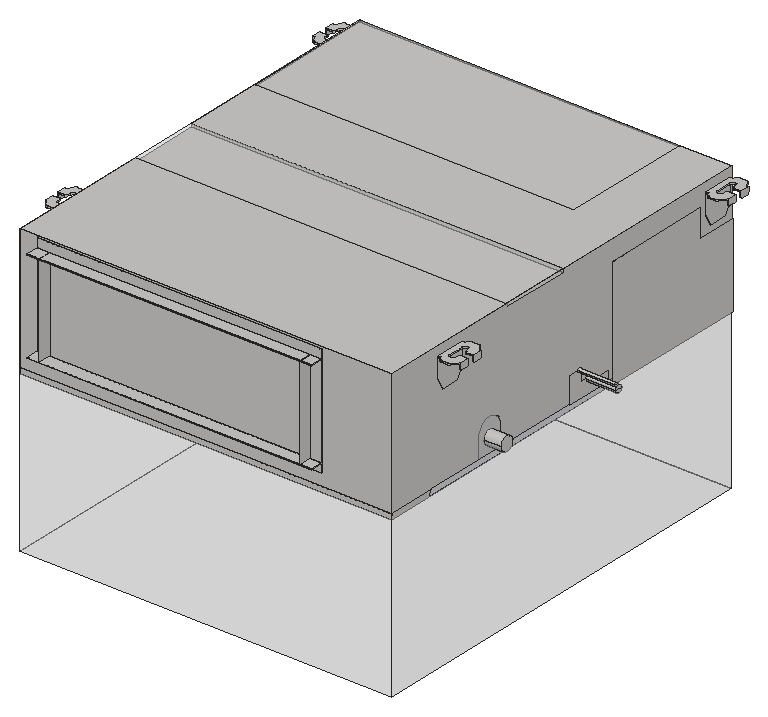
Revit family "outputfile", category 機械設備, Revit 2024
Family settings
  丸型コネクタ寸法 = 半径を使用
  パーツ タイプ = 標準
  OmniClass 番号 = 23.75.10.24.21.27.27
  OmniClass タイトル = Split System Air Conditioning Units
  作業面ベース = いいえ
  常に垂直 = はい
  ロード時にボイドで切り取り = いいえ
  注釈の向きを維持 = いいえ
  共有 = いいえ
  部屋計算ポイント = はい
Parameters (values of type "FXDBQ50AVM4")
  Description = ""
  書き出し IFC クラス(タイプ) = "IfcUnitaryEquipmentType"
  定義済み IFC タイプ(タイプ) = "AIRCONDITIONINGUNIT"
  Cost = 0
  Type Comments = ""
  Keynote = ""
  Type Image = (empty or 0)
  Assembly Code = ""
  lh_liquidpipe = [h***] + 60.0 mm  # 60.0 mm
  lh_RA [instance] = if(Rear Connection_Return Air, 125.25 mm + [h***], 245.0 mm + [h***])  # 125.25 mm
  ld_RA_length [instance] = if(Rear Connection_Return Air, 245.0 mm, 126.0 mm)  # 245.0 mm
  l_liquidpipe_length [instance] = 421.0 mm
  l_gaspipe_length [instance] = 408.0 mm
  l_drainpipe_length [instance] = 383.0 mm
  angle_vertica [instance] = 90.00°
  angle horizontal [instance] = if(Right Connection_refrigerant, 180.00°, 0.00°)  # 180.00°
  URL = ""
  Right Connection_refrigerant [instance] = yes
  製造元 = "Daikin"
  モデル = "FXDBQ50AVM4"
  w_pipe = 33.0 mm
  r_Liquid Pipe Size = Liquid Pipe Size / 2  # 3.2 mm
  r_Gas Pipe Size = Gas Pipe Size / 2  # 6.35 mm
  r_Drain Pipe Size = Drain Pipe Size / 2  # 12.5 mm
  lw_powersupply = 304.0 mm
  lw_ductflange2 = 602.0 mm
  lw_Width = 535.0 mm
  lh_suctionflange [instance] = 125.25 mm
  ld_suctionflange [instance] = if(Rear Connection_Return Air, 190.0 mm, 100.0 mm)  # 190.0 mm
  ld_powersupply = 60.0 mm
  angle_vertical_RA [instance] = if(Rear Connection_Return Air, 90.00°, 0.00°)  # 90.00°
  angle horizontal_RA [instance] = if(Rear Connection_Return Air, 180.00°, 270.00°)  # 180.00°
  Voltage_comment_60Hz = "220-230"
  Voltage_comment_50Hz = "220-240"
  Voltage_60Hz = 220 V
  Voltage_50Hz = 230 V
  Supply Air Direction [instance] = yes
  Sound Power Level_H speed (dB) = 0
  Rear Connection_Return Air [instance] = not(Bottom Connection_Return Air)  # yes
  RA_length [instance] = 245.0 mm  # constant formula
  Phase_60Hz = 1
  Phase_50Hz = 1
  Minimum External Static Pressure = 15.00 Pa
  Minimum Circuit Amps_60Hz = 1.1 A
  Minimum Circuit Amps_50Hz = 1.1 A
  Maximum Fuse Amps_60Hz = 16.0 A
  Maximum Fuse Amps_50Hz = 16.0 A
  Maximum External Static Pressure = 50.00 Pa
  Material_Casing = DAIKIN_GalvanizedSteel_Casing_indoorunit
  lw_liquidpipe = 71.0 mm  # constant formula
  lw_gaspipe = 58.0 mm  # constant formula
  lw_mountinghole_pitch = 738.0 mm
  lw_mountinghole = 20.0 mm  # constant formula
  lw_drainpipe = 33.0 mm  # constant formula
  lh_powersupply = 10.0 mm
  lh_gaspipe = [h***] + 38.0 mm  # 38.0 mm
  lh_mountinghole = Height - 15.0 mm + [h***]  # 230.0 mm
  lh_drainpipe = 150.0 mm
  lh_antena = 16.0 mm  # constant formula
  ld_liquidpipe = 193.0 mm  # constant formula
  ld_gaspipe = 130.0 mm  # constant formula
  ld_mountinghole_pitch = 630.0 mm  # constant formula
  ld_drainpipe = 280.0 mm
  ld_controlbox = 626.0 mm  # constant formula
  h*** = 0.0 mm  # constant formula
  d_dischargeflange = 25.0 mm  # constant formula
  Width = 700.0 mm
  Version = "ver.1.0"
  Unit Type = "Bedroom Duct Type"
  Unit Mass Weight = 26.00 kg
  Unit Designation [instance] = ""
  Uniclass2015Version = "Products v1.30"
  Uniclass2015Title = "Variable refrigerant flow units"
  Uniclass2015Code = "Pr_70_65_03_94"
  Total Heating Capacity [instance] = 0.000 kW
  Total Cooling Capacity [instance] = 0.000 kW
  Sound Pressure Level_M speed (dBA) = 0
  Sound Pressure Level_L speed (dBA) = 28
  Sound Pressure Level_H speed (dBA) = 37
  Series = "VRV Fan Coil Unit"
  Sensible Cooling Capacity [instance] = 0.000 kW
  SA Duct Size Width = 490.0 mm
  SA Duct Size Height = 174.0 mm
  Refrigerant Type = "R410A"
  RA Duct Size Width = 562.0 mm
  RA Duct Size Height [instance] = if(Rear Connection_Return Air, 202.6 mm, 204.0 mm)  # 202.6 mm
  Power Input (Heating) = 0.080 kW
  Power Input (Cooling) = 0.080 kW
  Option Accessory 3 [instance] = ""
  Option Accessory 2 [instance] = ""
  Option Accessory 1 [instance] = ""
  Nominal Heating Capacity = 6.300 kW
  Nominal Cooling Capacity = 5.600 kW
  Minimum Airflow = 540.00 m³/h
  Median Airflow = 690.00 m³/h
  Maximum Airflow = 888.00 m³/h
  Load Classification = HVAC
  Liquid Pipe Size = 6.4 mm
  Link_Nested Family [instance] = ""
  Left Connection_refrigerant [instance] = no
  IfcVersion = "0"
  IfcExportType = "AIRCONDITIONINGUNIT"
  IfcExportAs = "IfcUnitaryEquipmentType"
  Height = 245.0 mm
  Heating Entering Wet Bulb Temperature [instance] = 0.00 °C
  Heating Entering Dry Bulb Temperature [instance] = 0.00 °C
  Heating Ambient Wet Bulb Temperature [instance] = 0.00 °C
  Heating Ambient Dry Bulb Temperature [instance] = 0.00 °C
  Heat Exchanger Type = "Cross Fin Coil"
  Gas Pipe Size = 12.7 mm
  Frequency_60Hz = 60 Hz
  Frequency_50Hz = 50 Hz
  Fan Type = "Sirocco Fan"
  Fan Drive = "Direct Drive"
  FCU Tag No. [instance] = ""
  Drain Pipe Size = 25.0 mm
  Design Supply Airflow [instance] = 0.00 m³/h
  Design Return Airflow [instance] = 0.00 m³/h
  Design External Static Pressure [instance] = 0.00 Pa
  Depth = 800.0 mm
  既定の高さ = 0.0 mm
  Cooling Entering Wet Bulb Temperature [instance] = 0.00 °C
  Cooling Entering Dry Bulb Temperature [instance] = 0.00 °C
  Cooling Ambient Wet Bulb Temperature [instance] = 0.00 °C
  Cooling Ambient Dry Bulb Temperature [instance] = 0.00 °C
  Clearance visibility [instance] = yes
  Clearance Top = 0.0 mm
  Clearance Right = 0.0 mm
  Clearance Rear = 0.0 mm
  Clearance Left = 0.0 mm
  Clearance Front = 0.0 mm
  Clearance Bottom = 300.0 mm
  Bottom Connection_Return Air [instance] = no
Reference planes
  plane 1 "Center (Front/Back)": y = 0
  plane 2: z = 0
  plane 3 "Center (Left/Right)": x = 0
  plane 4 "Back": y = 400
  plane 5 "Front": y = -400
  plane 6 "Left": x = -350
  plane 7 "Right": x = 350
  plane 8 "Top": z = 0
  plane 9 "Bottom": z = -245
  plane 10: x = 330
  plane 11: x = -330
  plane 12: z = -235
  plane 13: z = -6
  plane 14: z = -67
  plane 15: z = -185
  plane 16: z = -207
  plane 17: x = -304
  plane 18: x = 304
  plane 19: x = -369
  plane 20: x = 369
  plane 21: x = -389
  plane 22: x = 390
  plane 23: x = 421
  plane 24: x = 408
  plane 25: x = 383
  plane 26: z = -15
  plane 27: z = -95
  plane 28 "Clearance Left": x = -350
  plane 29 "Clearance Right": x = 350
  plane 30 "Clearance Rear": y = 400
  plane 31 "Clearance Front": y = -400
  plane 32 "Clearance Top": z = 0
  plane 33 "Clearance Bottom": z = -545
  plane 34: z = -21
  plane 35: z = -206
  plane 36: z = -141.5
  plane 37: x = -40
  plane 38: y = 61
  plane 39: y = 39
  plane 40: y = -30
  plane 41: y = -171
  plane 42: z = -97.5
  plane 43: y = -400
  plane 44: x = -349
  plane 45: z = -145
  plane 46: z = -355
  plane 47: y = 210
  plane 48: z = 331
  plane 49: z = -244
  plane 50: y = 210
  plane 51: z = -146
  plane 52: x = 383
  plane 53: x = 345
  plane 54: x = 355
  plane 55: x = 351
  plane 56: x = 251
  plane 57: x = 349.004
  plane 58: x = -349
  plane 59: x = 304
  plane 60: z = -108
  plane 61: z = -234
  plane 62: x = -317
  plane 63: z = -3
  plane 64: x = -49.5
  plane 65: z = -1
  plane 66: y = 155
  plane 67: x = -50
  plane 68: y = -266
  plane 69: y = 364
  plane 70: z = -15
  plane 71: z = -185
  plane 72: z = -207
  plane 73: x = -383
  plane 74: x = -351
  plane 75: x = -421
  plane 76: x = -408
  plane 77: y = 280.25
  plane 78: z = 125.25
  plane 79: y = 117.5
  plane 80: z = -36.4
  plane 81: y = 399
Forms (mm)
  Extrusion 1, solid
    sketch origin (0, 0, 0) x (1, 0, 0) y (0, 0, 1)
      loop
        line (-350, -235) -> (-350, -245) -> (350, -245) -> (350, -235) -> (-350, -235)
    from -116.5 to 310
  Extrusion 2, solid, material "DAIKIN_GalvanizedSteel_Casing_indoorunit" <- "Material_Casing"
    sketch origin (0, 0, 0) x (1, 0, 0) y (0, 1, 0)
      loop
        line (-350, -400) -> (350, -400) -> (350, 400) -> (-350, 400) -> (-350, -400)
    from -245 to 0
  Extrusion 3, void
    sketch origin (0, 0, 1) x (1, 0, 0) y (0, 1, 0)
      loop
        line (-350, -128.821) -> (350, -128.821) -> (350, 4.179) -> (-350, 4.179) -> (-350, -128.821)
    from -1 to -7
  Revolve 4, solid, material "DAIKIN_GalvanizedSteel_Casing_indoorunit" <- "Material_Casing"
    sketch origin (0, 0, -207) x (0, -1, 0) y (1, 0, 0)
      loop
        line (-67.35, 351) -> (-61, 351) -> (-61, 408) -> (-67.35, 408) -> (-67.35, 351)
      axis (-61, 351) -> (-61, 408)
    angle from 0 to 360
  Revolve 5, solid, material "DAIKIN_GalvanizedSteel_Casing_indoorunit" <- "Material_Casing"
    sketch origin (0, 0, -185) x (0, -1, 0) y (1, 0, 0)
      loop
        line (-39, 351) -> (-39, 421) -> (-42.2, 421) -> (-42.2, 351) -> (-39, 351)
      axis (-39, 421) -> (-39, 351)
    angle from 0 to 360
  Extrusion 6, solid, material "DAIKIN_GalvanizedSteel_Casing_indoorunit" <- "Material_Casing"
    sketch origin (0, 0, 0) x (0, 1, 0) y (0, 0, 1)
      loop
        circle (-171, -206) r 13
    from 383 to 349.004
  Extrusion 7, solid, material "DAIKIN_GalvanizedSteel_Casing_indoorunit" <- "Material_Casing"
    sketch origin (0, 0, 0) x (1, 0, 0) y (0, 0, 1)
      loop
        line (-350, -235) -> (-350, -245) -> (350, -245) -> (350, -235) -> (-350, -235)
    from -116.5 to 400
  Extrusion 8, void
    sketch origin (0, 0, 0) x (1, 0, 0) y (0, 0, 1)
      loop
        line (251, 0) -> (-349, 0) -> (-349, -1) -> (251, -1) -> (251, 0)
    from -400 to -152.5
  Extrusion 9, solid, material "DAIKIN_GalvanizedSteel_Casing_indoorunit" <- "Material_Casing", visible <- "Rear Connection_Return Air"
    sketch origin (0, 0, 0) x (1, 0, 0) y (0, 1, 0)
      loop
        line (-349, 400) -> (-349, 152.5) -> (251, 152.5) -> (251, 400) -> (-349, 400)
    from -245 to -244
  Extrusion 10, solid, material "DAIKIN_GalvanizedSteel_Casing_indoorunit" <- "Material_Casing", visible <- "Bottom Connection_Return Air"
    sketch origin (0, 0, 0) x (1, 0, 0) y (0, 0, 1)
      loop
        line (251, -1) -> (-349, -1) -> (-349, -245) -> (251, -245) -> (251, -1)
    from -400 to -399
  Extrusion 11, void
    sketch origin (0, 0, 0) x (0, 1, 0) y (0, 0, 1)
      loop
        arc (-143.5, -198.721) -> (-171, -171.221) -> (-198.5, -198.721) r 27.5
        line (-198.5, -198.721) -> (-198.5, -235) -> (-143.5, -235) -> (-143.5, -198.721)
    from 349.004 to 350
  Extrusion 12, solid, material "DAIKIN_GalvanizedSteel_Casing_indoorunit" <- "Material_Casing"
    sketch origin (0, 0, 0) x (0, 1, 0) y (0, 0, 1)
      loop
        line (35.8, -185) -> (16.8, -185) -> (16.8, -235) -> (107.3, -235) -> (107.3, -217) -> (67.3, -217) -> (67.3, -207)
        arc (67.3, -207) -> (60.975, -213.325) -> (54.65, -207) r 6.325
        line (54.65, -207) -> (42.2, -207) -> (42.2, -185)
        arc (42.2, -185) -> (39, -188.2) -> (35.8, -185) r 3.2
    from 350 to 351
  Extrusion 13, void
    sketch origin (0, 0, 0) x (0, 1, 0) y (0, 0, -1)
      loop
        line (-143.5, 198.721) -> (-143.5, 235) -> (-198.5, 235) -> (-198.5, 198.721)
        arc (-198.5, 198.721) -> (-171, 171.221) -> (-143.5, 198.721) r 27.5
    from 349 to 350
  Extrusion 14, solid, material "DAIKIN_GalvanizedSteel_Casing_indoorunit" <- "Material_Casing"
    sketch origin (0, 0, 0) x (0, 1, 0) y (0, 0, -1)
      loop
        circle (-171, 206) r 13
    from 383 to 349
  Extrusion 15, solid, material "DAIKIN_GalvanizedSteel_Casing_indoorunit" <- "Material_Casing"
    sketch origin (0, 0, 0) x (0, 1, 0) y (0, 0, -1)
      loop
        arc (35.8, 185) -> (39, 188.2) -> (42.2, 185) r 3.2
        line (42.2, 185) -> (42.2, 207) -> (54.65, 207)
        arc (54.65, 207) -> (60.975, 213.325) -> (67.3, 207) r 6.325
        line (67.3, 207) -> (67.3, 217) -> (107.3, 217) -> (107.3, 235) -> (16.8, 235) -> (16.8, 185) -> (35.8, 185)
    from 350 to 351
  Revolve 16, solid, material "DAIKIN_GalvanizedSteel_Casing_indoorunit" <- "Material_Casing"
    sketch origin (0, 0, -185) x (0, -1, 0) y (1, 0, 0)
      loop
        line (-39, -351) -> (-42.2, -351) -> (-42.2, -421) -> (-39, -421) -> (-39, -351)
      axis (-39, -421) -> (-39, -351)
    angle from 0 to 360
  Revolve 17, solid, material "DAIKIN_GalvanizedSteel_Casing_indoorunit" <- "Material_Casing"
    sketch origin (0, 0, -207) x (0, -1, 0) y (1, 0, 0)
      loop
        line (-67.35, -351) -> (-67.35, -408) -> (-61, -408) -> (-61, -351) -> (-67.35, -351)
      axis (-61, -351) -> (-61, -408)
    angle from 0 to 360
  Extrusion 18, solid, material "DAIKIN_GalvanizedSteel_Casing_indoorunit" <- "Material_Casing"
    sketch origin (0, 0, 0) x (0, 1, 0) y (0, 0, 1)
      loop
        line (117.5, -36.4) -> (117.5, -245) -> (400, -245) -> (400, -88) -> (322.4, -88) -> (322.4, -36.4) -> (117.5, -36.4)
    from 351 to 350
Cuts and joins
  Extrusion 3, Extrusion 8, Extrusion 11, Extrusion 13 cuts Extrusion 2
  Extrusion 8, Extrusion 11, Extrusion 13 cuts Extrusion 7
Dimensions and locks
  "lh_powersupply": plane 12 to plane 9 "Bottom"
  locked: plane 8 "Top" to plane 13 at 6
  "Height": plane 8 "Top" to plane 9 "Bottom"
  equal spacing: plane 17, plane 3 "Center (Left/Right)", plane 18, locked at 304 each
  locked: plane 17 to plane 18 at 608
  equal spacing: plane 19, plane 3 "Center (Left/Right)", plane 20
  "lw_mountinghole_pitch": plane 19 to plane 20
  locked: plane 14 to plane 9 "Bottom" at 178
  "lw_mountinghole": plane 21 to plane 19
  locked: plane 15 to plane 9 "Bottom" at 60
  "lh_gaspipe": plane 16 to plane 9 "Bottom"
  "lh_mountinghole": plane 26 to plane 9 "Bottom"
  equal spacing: plane 6 "Left", plane 3 "Center (Left/Right)", plane 7 "Right"
  "Width": plane 6 "Left" to plane 7 "Right"
  "lh_drainpipe": plane 27 to plane 9 "Bottom"
  "Clearance Right": plane 7 "Right" to plane 29 "Clearance Right"
  "Clearance Left": plane 28 "Clearance Left" to plane 6 "Left"
  "lw_gaspipe": plane 7 "Right" to plane 24
  "lw_liquidpipe": plane 7 "Right" to plane 23
  "lw_drainpipe": plane 7 "Right" to plane 25
  "Clearance Rear": plane 30 "Clearance Rear" to plane 4 "Back"
  "Clearance Front": plane 5 "Front" to plane 31 "Clearance Front"
  "Clearance Top": plane 32 "Clearance Top" to plane 8 "Top"
  "Clearance Bottom": plane 9 "Bottom" to plane 33 "Clearance Bottom"
  locked: plane 8 "Top" to plane 34 at 21
  locked: plane 8 "Top" to plane 35 at 206
  locked: plane 36 to plane 9 "Bottom" at 103.5
  locked: plane 34 to plane 42 at 76.5
  locked: plane 44 to plane 6 "Left" at 1
  locked: plane 12 to plane 45 at 90
  locked: plane 46 to plane 33 "Clearance Bottom" at 190
  plane 48 to plane 26 = 346.0 mm
  locked: plane 49 to plane 9 "Bottom" at 1
  "ld_suctionflange": plane 4 "Back" to plane 50
  locked: plane 51 to plane 9 "Bottom" at 99
  locked: plane 7 "Right" to plane 52 at 33
  locked: plane 53 to plane 7 "Right" at 5
  locked: plane 7 "Right" to plane 54 at 5
  locked: plane 7 "Right" to plane 55 at 1
  plane 7 "Right" to plane 56 = 99.0 mm
  locked: plane 7 "Right" to plane 57 at 0.996
  locked: plane 58 to plane 6 "Left" at 1
  "lw_powersupply": plane 3 "Center (Left/Right)" to plane 59
  locked: plane 61 to plane 9 "Bottom" at 11
  locked: plane 6 "Left" to plane 62 at 33
  locked: plane 8 "Top" to plane 63 at 3
  locked: plane 8 "Top" to plane 65 at 1
  plane 66 to plane 4 "Back" = 245.0 mm
  "ld_mountinghole_pitch": plane 69 to plane 68
  locked: plane 8 "Top" to plane 70 at 15
  "Depth": plane 4 "Back" to plane 43
  equal spacing: plane 4 "Back", plane 1 "Center (Front/Back)", plane 43, locked at 400 each
  locked: plane 31 "Clearance Front" to plane 41 at 229
  locked: plane 31 "Clearance Front" to plane 39 at 439
  locked: plane 39 to plane 38 at 22
  locked: plane 8 "Top" to plane 71 at 185
  locked: plane 71 to plane 72 at 22
  locked: plane 60 to plane 9 "Bottom" at 137
  plane 72 to plane 9 "Bottom" = 38.0 mm
  locked: plane 73 to plane 6 "Left" at 33
  locked: plane 74 to plane 6 "Left" at 1
  locked: plane 75 to plane 6 "Left" at 71
  locked: plane 76 to plane 6 "Left" at 58
  "r_Liquid Pipe Size": Revolve 5 sketch curve to Revolve 5 sketch curve
  "r_Gas Pipe Size": Revolve 4 sketch curve to Revolve 4 sketch curve
  "lh_suctionflange": plane 78 to level
  "r_Liquid Pipe Size": Revolve 16 sketch curve to Revolve 16 sketch curve
  "r_Gas Pipe Size": Revolve 17 sketch curve to Revolve 17 sketch curve
  locked: plane 68 to plane 43 at 134
  "ld_RA_length": plane 30 "Clearance Rear" to plane 66
  locked: plane 30 "Clearance Rear" to Extrusion 9 sketch curve at 247.5
  locked: plane 79 to plane 30 "Clearance Rear" at 282.5
  locked: plane 80 to plane 9 "Bottom" at 208.6
  locked: Extrusion 18 sketch curve to Extrusion 18 sketch curve at 51.6
  locked: Extrusion 18 sketch curve to nested 8 at 77.6
  locked: plane 4 "Back" to plane 81 at 1
  aligned and locked: level to plane 2
  aligned and locked: Extrusion 2 to plane 9 "Bottom"
  aligned and locked: plane 8 "Top" to Extrusion 2
  aligned and locked: Revolve 4 sketch curve to Revolve 4 sketch curve
  aligned and locked: plane 20 to nested 2
  aligned and locked: plane 19 to nested 3
  aligned and locked: plane 19 to nested 4
  aligned and locked: nested 7 to plane 12
  aligned and locked: Extrusion 7 to plane 9 "Bottom"
  aligned and locked: Extrusion 6 sketch curve to plane 41
  aligned and locked: plane 4 "Back" to Extrusion 8
  aligned and locked: plane 8 "Top" to Extrusion 3
  aligned and locked: plane 9 "Bottom" to Extrusion 9  (x2)
  aligned and locked: Extrusion 9 to plane 49
  aligned and locked: Extrusion 8 to level
  aligned and locked: plane 30 "Clearance Rear" to nested 8
  aligned and locked: plane 29 "Clearance Right" to nested 8
  aligned and locked: plane 28 "Clearance Left" to nested 8
  aligned and locked: nested 8 to plane 32 "Clearance Top"
  aligned and locked: nested 8 to plane 33 "Clearance Bottom"
  aligned and locked: Extrusion 3 to plane 13
  aligned and locked: plane 7 "Right" to cut or joined group of Extrusion 2, Extrusion 3, Extrusion 8, Extrusion 11, Extrusion 13  (x2)
  aligned and locked: plane 52 to Extrusion 6
  aligned and locked: plane 56 to Extrusion 8 sketch curve
  aligned and locked: Extrusion 9 to plane 56
  aligned and locked: cut or joined group of Extrusion 2, Extrusion 3, Extrusion 8, Extrusion 11, Extrusion 13 to plane 43
  aligned and locked: nested 7 to plane 59
  aligned and locked: nested 6 to plane 1 "Center (Front/Back)"
  aligned and locked: plane 3 "Center (Left/Right)" to nested 6
  aligned and locked: plane 60 to nested 5  (x2)
  aligned and locked: nested 10 to plane 62
  aligned and locked: nested 10 to plane 63
  aligned and locked: plane 64 to nested 5
  aligned and locked: nested 11 to plane 58
  aligned and locked: plane 4 "Back" to nested 11
  aligned and locked: plane 65 to nested 11
  aligned and locked: plane 4 "Back" to Extrusion 10
  aligned and locked: plane 65 to Extrusion 10
  aligned and locked: Extrusion 10 to plane 9 "Bottom"
  aligned and locked: Extrusion 10 to plane 56
  aligned and locked: plane 4 "Back" to nested 7
  aligned and locked: nested 13 to plane 68
  aligned and locked: plane 6 "Left" to nested 13
  aligned and locked: plane 68 to nested 12
  aligned and locked: nested 12 to plane 7 "Right"
  aligned and locked: nested 15 to plane 69
  aligned and locked: plane 6 "Left" to nested 15
  aligned and locked: plane 69 to nested 14
  aligned and locked: nested 14 to plane 7 "Right"
  aligned and locked: plane 70 to nested 13
  aligned and locked: plane 70 to nested 15
  aligned and locked: plane 20 to nested 1
  aligned and locked: nested 1 to plane 69
  aligned and locked: nested 4 to plane 69
  aligned and locked: nested 3 to plane 68
  aligned and locked: nested 2 to plane 68
  aligned and locked: cut or joined group of Extrusion 2, Extrusion 3, Extrusion 8, Extrusion 11, Extrusion 13 to plane 57
  aligned and locked: Extrusion 6 to plane 57
  aligned and locked: nested 5 to plane 64
  aligned and locked: nested 5 to plane 43
  aligned and locked: cut or joined group of Extrusion 7, Extrusion 8, Extrusion 11, Extrusion 13 to plane 43
  aligned and locked: plane 7 "Right" to Extrusion 12
  aligned and locked: plane 55 to Extrusion 12
  aligned and locked: plane 71 to Revolve 5
  aligned and locked: plane 72 to Revolve 4
  aligned and locked: plane 72 to Extrusion 12
  aligned and locked: Extrusion 12 to plane 12
  aligned and locked: plane 71 to Extrusion 12
  aligned and locked: cut or joined group of Extrusion 2, Extrusion 3, Extrusion 8, Extrusion 11, Extrusion 13 to plane 6 "Left"  (x2)
  aligned and locked: plane 58 to cut or joined group of Extrusion 2, Extrusion 3, Extrusion 8, Extrusion 11, Extrusion 13
  aligned and locked: plane 58 to Extrusion 14
  aligned and locked: Extrusion 14 to plane 73
  aligned and locked: plane 6 "Left" to Extrusion 15
  aligned and locked: Extrusion 15 to plane 74
  aligned and locked: Revolve 16 to plane 74
  aligned and locked: Revolve 16 to plane 75
  aligned and locked: Revolve 17 sketch curve to Revolve 17 sketch curve
  aligned and locked: Revolve 17 to plane 74
  aligned and locked: Revolve 17 to plane 76
  aligned and locked: nested 16 to plane 39
  aligned and locked: nested 17 to plane 38
  aligned and locked: nested 17 to plane 3 "Center (Left/Right)"
  aligned and locked: plane 71 to Revolve 16
  aligned and locked: plane 72 to Revolve 17
  aligned and locked: plane 43 to nested 10
  aligned and locked: nested 8 to plane 43
  aligned and locked: nested 18 to plane 41
  aligned and locked: plane 3 "Center (Left/Right)" to nested 18
  aligned and locked: plane 35 to nested 18
  aligned and locked: nested 9 to plane 67  (x2)
  aligned and locked: plane 70 to nested 12
  aligned and locked: plane 70 to nested 14
  aligned and locked: nested 9 to plane 66
  aligned and locked: plane 29 "Clearance Right" to Extrusion 18
  aligned and locked: plane 55 to Extrusion 18
  aligned and locked: plane 80 to Extrusion 18
  aligned and locked: plane 79 to Extrusion 18
  aligned and locked: nested 19 to plane 9 "Bottom"
  aligned and locked: nested 19 to plane 56
  aligned and locked: nested 19 to plane 81
  aligned and locked: level to plane 8 "Top"
Automatic sketch dimensions
  Extrusion 1 sketch curve to plane 6 "Left" = 0.0 mm
  Extrusion 1 sketch curve to plane 7 "Right" = 0.0 mm
  Extrusion 1 sketch curve to plane 9 "Bottom" = 0.0 mm
  Extrusion 1 sketch curve to plane 12 = 0.0 mm
  Extrusion 2 sketch curve to plane 4 "Back" = 0.0 mm
  Extrusion 2 sketch curve to plane 6 "Left" = 0.0 mm
  Extrusion 2 sketch curve to plane 7 "Right" = 0.0 mm
  Extrusion 2 sketch curve to plane 43 = 0.0 mm
  Extrusion 3 sketch curve to plane 6 "Left" = 0.0 mm
  Extrusion 3 sketch curve to plane 7 "Right" = 0.0 mm
  plane 41 to Extrusion 3 sketch curve = 42.179 mm
  Extrusion 3 sketch curve to plane 1 "Center (Front/Back)" = 4.179 mm
  Revolve 4 sketch curve to plane 24 = 0.0 mm
  Revolve 4 sketch curve to plane 38 = 0.0 mm
  Revolve 4 sketch curve to plane 55 = 0.0 mm
  plane 55 to Revolve 4 sketch curve = 1.003 mm
  plane 24 to Revolve 4 sketch curve = 1.003 mm
  Revolve 5 sketch curve to plane 39 = 0.0 mm  (x2)
  Revolve 5 sketch curve to plane 23 = 0.0 mm  (x2)
  Revolve 5 sketch curve to plane 55 = 0.0 mm  (x2)
  Extrusion 6 sketch curve to plane 35 = 0.0 mm
  Extrusion 7 sketch curve to plane 6 "Left" = 0.0 mm
  Extrusion 7 sketch curve to plane 7 "Right" = 0.0 mm
  Extrusion 7 sketch curve to plane 9 "Bottom" = 0.0 mm
  Extrusion 7 sketch curve to plane 12 = 0.0 mm
  Extrusion 9 sketch curve to plane 44 = 0.0 mm
  Extrusion 9 sketch curve to plane 4 "Back" = 0.0 mm
  Extrusion 9 sketch curve to plane 56 = 0.0 mm
  Extrusion 10 sketch curve to plane 44 = 0.0 mm
  Extrusion 10 sketch curve to plane 9 "Bottom" = 0.0 mm
  Extrusion 10 sketch curve to plane 56 = 0.0 mm
  Extrusion 10 sketch curve to plane 65 = 0.0 mm
  Extrusion 11 sketch curve to plane 12 = 0.0 mm
  Extrusion 11 sketch curve to plane 41 = 0.0 mm
  Extrusion 11 sketch curve to plane 41 = 27.5 mm
  plane 35 to Extrusion 11 sketch curve = 7.279 mm
  Extrusion 12 sketch curve to plane 15 = 0.0 mm
  Extrusion 12 sketch curve to plane 12 = 0.0 mm
  Extrusion 12 sketch curve to plane 39 = 0.0 mm
  Extrusion 12 sketch curve to plane 72 = 0.0 mm
  Extrusion 12 sketch curve to Extrusion 12 sketch curve = 3.2 mm
  Extrusion 12 sketch curve to plane 1 "Center (Front/Back)" = 16.8 mm
  Extrusion 12 sketch curve to plane 38 = 6.35 mm
  Extrusion 12 sketch curve to plane 38 = 0.025 mm
  Extrusion 12 sketch curve to Extrusion 12 sketch curve = 40.0 mm
  Extrusion 12 sketch curve to Extrusion 12 sketch curve = 10.0 mm
  Extrusion 13 sketch curve to plane 12 = 0.0 mm
  Extrusion 13 sketch curve to plane 41 = 0.0 mm
  Extrusion 13 sketch curve to plane 41 = 27.5 mm
  plane 35 to Extrusion 13 sketch curve = 7.279 mm
  Extrusion 14 sketch curve to plane 35 = 0.0 mm
  Extrusion 14 sketch curve to plane 41 = 0.0 mm
  Extrusion 15 sketch curve to plane 15 = 0.0 mm
  Extrusion 15 sketch curve to plane 12 = 0.0 mm
  Extrusion 15 sketch curve to plane 39 = 0.0 mm
  Extrusion 15 sketch curve to plane 72 = 0.0 mm
  Extrusion 15 sketch curve to Extrusion 15 sketch curve = 3.2 mm
  Extrusion 15 sketch curve to plane 1 "Center (Front/Back)" = 16.8 mm
  Extrusion 15 sketch curve to plane 38 = 6.35 mm
  Extrusion 15 sketch curve to plane 38 = 0.025 mm
  Extrusion 15 sketch curve to Extrusion 15 sketch curve = 40.0 mm
  Extrusion 15 sketch curve to Extrusion 15 sketch curve = 10.0 mm
  Revolve 16 sketch curve to plane 74 = 0.0 mm  (x2)
  Revolve 16 sketch curve to plane 75 = 0.0 mm  (x2)
  Revolve 16 sketch curve to plane 39 = 0.0 mm  (x2)
  Revolve 17 sketch curve to plane 74 = 0.0 mm
  Revolve 17 sketch curve to plane 38 = 0.0 mm
  plane 75 to Revolve 17 sketch curve = 13.0 mm
  Revolve 17 sketch curve to plane 74 = 1.003 mm
  Revolve 17 sketch curve to Revolve 17 sketch curve = 1.003 mm
  Extrusion 8 sketch curve to plane 44 = 0.0 mm
  Extrusion 8 sketch curve to level = 0.0 mm
  Extrusion 8 sketch curve to plane 65 = 0.0 mm
  Extrusion 18 sketch curve to plane 9 "Bottom" = 0.0 mm
  Extrusion 18 sketch curve to plane 79 = 0.0 mm
  Extrusion 18 sketch curve to plane 80 = 0.0 mm
  Extrusion 18 sketch curve to plane 4 "Back" = 0.0 mm
  radius of Extrusion 6 sketch curve = 13.0 mm
  radius of Extrusion 14 sketch curve = 13.0 mm
Nested families
  nested 1: "daikin_mountinghole" at (369, 364, -245), l_antenna <- "lh_antena", Link_Nested Family <- "Link_Nested Family", h_mountinghole <- "lh_mountinghole", type "daikin_mountinghole"
    with show yes, l_antenna 16.0 mm, h_mountinghole 230.0 mm, Link_Nested Family ""
  nested 2: "daikin_mountinghole" at (369, -266, -245), Link_Nested Family <- "Link_Nested Family", l_antenna <- "lh_antena", h_mountinghole <- "lh_mountinghole", type "daikin_mountinghole"
    with show yes, l_antenna 16.0 mm, h_mountinghole 230.0 mm, Link_Nested Family ""
  nested 3: "daikin_mountinghole" at (-369, -266, -245), l_antenna <- "lh_antena", Link_Nested Family <- "Link_Nested Family", h_mountinghole <- "lh_mountinghole", type "daikin_mountinghole"
    with show yes, l_antenna 16.0 mm, h_mountinghole 230.0 mm, Link_Nested Family ""
  nested 4: "daikin_mountinghole" at (-369, 364, -245), l_antenna <- "lh_antena", Link_Nested Family <- "Link_Nested Family", h_mountinghole <- "lh_mountinghole", type "daikin_mountinghole"
    with show yes, l_antenna 16.0 mm, h_mountinghole 230.0 mm, Link_Nested Family ""
  nested 5: "daikin_connector_rotate2" at (-49.5, -400, -108), length <- "d_dischargeflange", type "daikin_connector_rotate2"
    with radius 10.0 mm, length 25.0 mm, angle_vertical 90.00°, show_face no
  nested 6: "daikin_△_symbolicline" at (-75, -129.904, 245) x (-0.5, 0.866, 0) z (0, 0, 1), built-in parameter 1001364 <- "Height", visible <- "Supply Air Direction", type "daikin_△_symbolicline"
    with length 300.0 mm
  nested 7: "daikin_connector_rotate2" at (304, 340, -235) x (-1, 0, 0) z (0, 0, 1), built-in parameter 1001364 <- "lw_powersupply", length <- "ld_powersupply", type "daikin_connector_rotate2"
    with radius 10.0 mm, length 60.0 mm, angle_vertical 90.00°, show_face no
  nested 8: "daikin_clearancespace" at (0, 0, -272.381), visible <- "Clearance visibility", show <- "Clearance visibility", Link_Nested Family <- "Link_Nested Family", type "daikin_clearancespace"
    with width 700.0 mm, show yes, height 545.0 mm, depth 800.0 mm, Link_Nested Family ""
  nested 9: "daikin_connector_rotate3" at (-50, 155, -119.75), angle_vertical <- "angle_vertical_RA", angle_horizontal <- "angle horizontal_RA", length <- "RA_length", built-in parameter 1001364 <- "lh_RA", type "daikin_connector_rotate3"
    with show no, radius 10.0 mm, length 245.0 mm, angle_vertical 90.00°, angle_horizontal 180.00°
  nested 10: "daikin_ductflange_FXDBQ-AVM4" at (-49.5, -86.5, -385.201), width <- "lw_Width", material <- "Material_Casing", type "daikin_ductflange_FXDBQ-AVM4"
    with width 535.0 mm, material DAIKIN_GalvanizedSteel_Casing_indoorunit, height 176.0 mm, depth 25.0 mm
  nested 11: "daikin_ductflange_FXDBQ-AVM4_2" at (-49, 400, -119.75), material <- "Material_Casing", visible <- "Rear Connection_Return Air", width <- "lw_ductflange2", rear <- "Rear Connection_Return Air", bottom <- "Bottom Connection_Return Air", type "daikin_ductflange_FXDBQ-AVM4_2"
    with width 602.0 mm, rear yes, material DAIKIN_GalvanizedSteel_Casing_indoorunit, height 245.0 mm, depth 1.0 mm, bottom no, H2 18.5 mm, H1 202.5 mm
  nested 12: "daikin_hangerfixture_FXDBQ-AVM4" at (350, -266, -15) x (0, 1, 0) z (0, 0, 1), type "daikin_hangerfixture_FXDBQ-AVM4"
  nested 13: "daikin_hangerfixture_FXDBQ-AVM4" at (-350, -266, -15) x (0, -1, 0) z (0, 0, 1), type "daikin_hangerfixture_FXDBQ-AVM4"
  nested 14: "daikin_hangerfixture_FXDBQ-AVM4" at (350, 364, -15) x (0, 1, 0) z (0, 0, 1), type "daikin_hangerfixture_FXDBQ-AVM4"
  nested 15: "daikin_hangerfixture_FXDBQ-AVM4" at (-350, 364, -15) x (0, -1, 0) z (0, 0, 1), type "daikin_hangerfixture_FXDBQ-AVM4"
  nested 16: "daikin_connector_rotate3" at (0, 39, -185) x (0, -1, 0) z (0, 0, 1), radius <- "r_Liquid Pipe Size", angle_vertical <- "angle_vertica", length <- "l_liquidpipe_length", angle_horizontal <- "angle horizontal", type "daikin_connector_rotate3"
    with show no, radius 3.2 mm, length 421.0 mm, angle_vertical 90.00°, angle_horizontal 180.00°
  nested 17: "daikin_connector_rotate3" at (0, 61, -207) x (0, -1, 0) z (0, 0, 1), angle_vertical <- "angle_vertica", angle_horizontal <- "angle horizontal", length <- "l_gaspipe_length", radius <- "r_Gas Pipe Size", type "daikin_connector_rotate3"
    with show no, radius 6.35 mm, length 408.0 mm, angle_vertical 90.00°, angle_horizontal 180.00°
  nested 18: "daikin_connector_rotate3" at (0, -171, -206) x (0, -1, 0) z (0, 0, 1), angle_vertical <- "angle_vertica", angle_horizontal <- "angle horizontal", length <- "l_drainpipe_length", radius <- "r_Drain Pipe Size", type "daikin_connector_rotate3"
    with show no, radius 12.5 mm, length 383.0 mm, angle_vertical 90.00°, angle_horizontal 180.00°
  nested 19: "daikin_ductflange_FXDBQ-AVM4_2" at (-49, 274.75, -244) x (1, 0, 0) z (0, -1, 0), width <- "lw_ductflange2", material <- "Material_Casing", visible <- "Bottom Connection_Return Air", rear <- "Rear Connection_Return Air", bottom <- "Bottom Connection_Return Air", type "daikin_ductflange_FXDBQ-AVM4_2"
    with width 602.0 mm, rear yes, material DAIKIN_GalvanizedSteel_Casing_indoorunit, height 245.0 mm, depth 1.0 mm, bottom no, H2 18.5 mm, H1 202.5 mm
Connectors
  hvac at (-49.5, -425, -108), driven by "SA Duct Size Height", driven by "SA Duct Size Width"
    settings: on nested 5, index 7, duct flow 0.00 m³/h, flow factor 0, pres drop 0.00 Pa, loss coef 0, conn angle 0.00°, conn width 490.0 mm, conn height 174.0 mm, conn diameter 609.6 mm, duct sys type 1, conn prof type 1, flow config 0, flow direction 2, loss method 4, conn ref index -1, conn util no, is conn primary yes, conn desc "SA Duct"
  electrical at (304, 400, -235), driven by "Load Classification"
    settings: on nested 7, index 9, voltage 0 V, apparent load 0 VA, apparent load phase1 0 VA, apparent load phase2 0 VA, apparent load phase3 0 VA, power factor 1, load classification "HVAC", number of poles 1, system type 30, power factor state 1, is connector primary yes, connector utility no, sub classification motor no, connector description "Power Supply"
  hvac at (-50, 400, -119.75), driven by "RA Duct Size Height", driven by "RA Duct Size Width"
    settings: on nested 9, index 10, duct flow 0.00 m³/h, flow factor 0, pres drop 0.00 Pa, loss coef 0, conn angle 0.00°, conn width 562.0 mm, conn height 202.6 mm, conn diameter 609.6 mm, duct sys type 2, conn prof type 1, flow config 0, flow direction 1, loss method 4, conn ref index -1, conn util no, is conn primary no, conn desc "RA Duct"
  piping at (408, 61, -207), diameter 12.7, driven by "r_Gas Pipe Size"
    settings: on nested 17, index 13, connector inside diameter 609.6 mm, connector length 0.0 mm, flow factor 0, pipe flow 0.00 m³/h, pressure drop 0.0 Pa, fitting loss kfactor 0, connector angle 0.00°, fixture units 0, engagement length 0.0 mm, angle of deflection 0.00°, flow configuration 1, flow direction 2, fitting loss method 0, system type 29, joint type 0, gender type 0, connector reference index -1, connector utility 0, adjustable connector no, is connector primary yes, connector description "Refrigerant Gas Piping"
  piping at (421, 39, -185), diameter 6.4, driven by "r_Liquid Pipe Size"
    settings: on nested 16, index 14, connector inside diameter 609.6 mm, connector length 0.0 mm, flow factor 0, pipe flow 0.00 m³/h, pressure drop 0.0 Pa, fitting loss kfactor 0, connector angle 0.00°, fixture units 0, engagement length 0.0 mm, angle of deflection 0.00°, flow configuration 1, flow direction 1, fitting loss method 0, system type 29, joint type 0, gender type 0, connector reference index -1, connector utility 0, adjustable connector no, is connector primary no, connector description "Refrigerant Liquid Piping"
  piping at (383, -171, -206), diameter 25, driven by "r_Drain Pipe Size"
    settings: on nested 18, index 15, connector inside diameter 609.6 mm, connector length 0.0 mm, flow factor 0, pipe flow 0.00 m³/h, pressure drop 0.0 Pa, fitting loss kfactor 0, connector angle 0.00°, fixture units 0, engagement length 0.0 mm, angle of deflection 0.00°, flow configuration 1, flow direction 2, fitting loss method 4, system type 16, joint type 0, gender type 0, connector reference index -1, connector utility 0, adjustable connector no, is connector primary no, connector description "Condensate Drain Piping"
Definition of nested family "daikin_clearancespace"
  Parameters (values of type "daikin_clearancespace")
    width [instance] = 1823.963 mm
    show [instance] = yes
    material = none
    height [instance] = 1359.762 mm
    depth [instance] = 880.0 mm
    Default Elevation = 0.0 mm
    Link_Nested Family [instance] = ""
  Reference planes
    plane 1 "Center (Front/Back)": y = 0
    plane 2 "Center (Elevation)": z = -0.119
    plane 3 "Center (Left/Right)": x = 0
    plane 4: y = 440
    plane 5: y = -440
    plane 6 "Right": x = 911.982
    plane 7 "Left": x = -911.982
    plane 8 "Top": z = 679.762
    plane 9 "Bottom": z = -680
  Forms (mm)
    Extrusion 1, solid, material <- "material", visible <- "show"
      sketch origin (0, 0, 0) x (1, 0, 0) y (0, 1, 0)
        loop
          line (-911.982, 440) -> (-911.982, -440) -> (911.982, -440) -> (911.982, 440) -> (-911.982, 440)
      from -680 to 679.762
  Lines and regions (mm)
    symbolic lines, visible <- "show"
      curve 1: line (911.982, 440, 0) -> (-911.982, 440, 0)
      curve 2: line (-911.982, 440, 0) -> (-911.982, -440, 0)
      curve 3: line (-911.982, -440, 0) -> (911.982, -440, 0)
      curve 4: line (911.982, -440, 0) -> (911.982, 440, 0)
      curve 5: line (911.982, 0, 679.762) -> (-911.982, 0, 679.762)
      curve 6: line (911.982, 0, -680) -> (911.982, 0, 679.762)
      curve 7: line (-911.982, 0, -680) -> (911.982, 0, -680)
      curve 8: line (-911.982, 0, 679.762) -> (-911.982, 0, -680)
      curve 9: line (0, 440, 679.762) -> (0, -440, 679.762)
      curve 10: line (0, -440, 679.762) -> (0, -440, -680)
      curve 11: line (0, 440, -680) -> (0, 440, 679.762)
      curve 12: line (0, -440, -680) -> (0, 440, -680)
  Dimensions and locks
    "width": plane 7 "Left" to plane 6 "Right"
    "depth": plane 4 to plane 5
    "height": plane 8 "Top" to plane 9 "Bottom"
    equal spacing: plane 7 "Left", plane 3 "Center (Left/Right)", plane 6 "Right"
    equal spacing: plane 4, plane 1 "Center (Front/Back)", plane 5
    equal spacing: plane 8 "Top", plane 2 "Center (Elevation)", plane 9 "Bottom"
    aligned and locked: level to plane 2 "Center (Elevation)"
    aligned and locked: Extrusion 1 sketch curve to plane 4
    aligned and locked: plane 7 "Left" to Extrusion 1 sketch curve
    aligned and locked: Extrusion 1 sketch curve to plane 5
    aligned and locked: Extrusion 1 sketch curve to plane 6 "Right"
    aligned and locked: plane 8 "Top" to Extrusion 1
    aligned and locked: curve 1 to Extrusion 1
    aligned and locked: curve 2 to Extrusion 1
    aligned and locked: curve 3 to Extrusion 1
    aligned and locked: curve 4 to Extrusion 1
    aligned and locked: curve 5 to Extrusion 1
    aligned and locked: curve 6 to Extrusion 1
    aligned and locked: curve 7 to Extrusion 1
    aligned and locked: curve 8 to Extrusion 1
    aligned and locked: curve 9 to Extrusion 1
    aligned and locked: curve 10 to Extrusion 1
    aligned and locked: curve 11 to Extrusion 1
    aligned and locked: curve 12 to Extrusion 1
    aligned and locked: Extrusion 1 to plane 9 "Bottom"
Definition of nested family "daikin_ductflange_FXDBQ-AVM4"
  Parameters (values of type "daikin_ductflange_FXDBQ-AVM")
    width [instance] = 535.0 mm
    material [instance] = none
    height [instance] = 176.0 mm
    depth [instance] = 25.0 mm
    Default Elevation = 0.0 mm
  Reference planes
    plane 1 "Center (Front/Back)": y = 0
    plane 2: z = 189.201
    plane 3 "Center (Left/Right)": x = 0
    plane 4: y = -313.5
    plane 5: x = -267.5
    plane 6: x = 267.5
    plane 7: y = -338.5
    plane 8: z = 365.201
    plane 9: z = 277.201
    plane 10: z = 364.201
    plane 11: z = 190.201
  Forms (mm)
    Extrusion 1, solid, material <- "material"
      sketch origin (0, 0, 189.201) x (1, 0, 0) y (0, 1, 0)
        loop
          line (-245, -338.5) -> (-245, -313.5) -> (-267.5, -313.5) -> (-267.5, -314.5) -> (-246, -314.5) -> (-246, -338.5) -> (-245, -338.5)
        loop
          line (245, -338.5) -> (246, -338.5) -> (246, -314.5) -> (267.5, -314.5) -> (267.5, -313.5) -> (245, -313.5) -> (245, -338.5)
      from 1 to 175
    Extrusion 2, solid, material <- "material"
      sketch origin (0, 0, 0) x (0, 1, 0) y (0, 0, 1)
        loop
          line (-338.5, 364.201) -> (-313.5, 364.201) -> (-313.5, 382.201) -> (-314.5, 382.201) -> (-314.5, 365.201) -> (-338.5, 365.201) -> (-338.5, 364.201)
        loop
          line (-313.5, 190.201) -> (-338.5, 190.201) -> (-338.5, 189.201) -> (-314.5, 189.201) -> (-314.5, 172.201) -> (-313.5, 172.201) -> (-313.5, 190.201)
      from -267.5 to 267.5
  Dimensions and locks
    plane 4 to plane 1 "Center (Front/Back)" = 313.5 mm
    "depth": plane 7 to plane 4
    equal spacing: plane 8, plane 9, level
    "height": plane 8 to level
    equal spacing: plane 6, plane 3 "Center (Left/Right)", plane 5
    "width": plane 6 to plane 5
    plane 5 to plane 6 = 535.0 mm
    locked: plane 8 to plane 10 at 1
    locked: plane 11 to level at 1
    locked: Extrusion 1 sketch curve to Extrusion 1 sketch curve at 1
    aligned and locked: level to plane 2
    aligned and locked: Extrusion 2 to plane 5
    aligned and locked: plane 6 to Extrusion 2
    aligned and locked: plane 10 to Extrusion 1
    aligned and locked: Extrusion 1 to plane 5  (x2)
    aligned and locked: plane 6 to Extrusion 1  (x2)
  Automatic sketch dimensions
    Extrusion 1 sketch curve to plane 5 = 0.0 mm
    Extrusion 1 sketch curve to plane 7 = 0.0 mm  (x2)
    Extrusion 1 sketch curve to plane 4 = 0.0 mm  (x2)
    Extrusion 1 sketch curve to plane 6 = 0.0 mm
    plane 5 to Extrusion 1 sketch curve = 21.5 mm
    Extrusion 1 sketch curve to Extrusion 1 sketch curve = 1.0 mm  (x2)
    Extrusion 1 sketch curve to plane 6 = 22.5 mm
    Extrusion 1 sketch curve to plane 4 = 1.0 mm
    Extrusion 2 sketch curve to plane 7 = 0.0 mm  (x2)
    Extrusion 2 sketch curve to level = 0.0 mm
    Extrusion 2 sketch curve to plane 8 = 0.0 mm
    Extrusion 2 sketch curve to plane 4 = 0.0 mm  (x2)
    Extrusion 2 sketch curve to plane 11 = 0.0 mm
    Extrusion 2 sketch curve to plane 10 = 0.0 mm
    Extrusion 2 sketch curve to plane 4 = 1.0 mm
    Extrusion 2 sketch curve to Extrusion 2 sketch curve = 1.0 mm
    Extrusion 2 sketch curve to level = 17.0 mm
    plane 8 to Extrusion 2 sketch curve = 17.0 mm
Definition of nested family "daikin_ductflange_FXDBQ-AVM4_2"
  Parameters (values of type "daikin_ductflange_FXDBQ-AVM2")
    width [instance] = 602.0 mm
    material [instance] = none
    height [instance] = 245.0 mm
    depth [instance] = 1.0 mm
    bottom [instance] = no
    rear [instance] = yes
    H2 [instance] = if(rear, 18.5 mm, 20.5 mm)  # 18.5 mm
    H1 [instance] = if(rear, 202.5 mm, 204.0 mm)  # 202.5 mm
    Default Elevation = 0.0 mm
  Reference planes
    plane 1 "Center (Front/Back)": y = 0
    plane 2: z = 0
    plane 3 "Center (Left/Right)": x = 0
    plane 4: y = -1
    plane 5: x = -301
    plane 6: x = 301
    plane 7: z = 101.25
    plane 8: z = -101.25
    plane 9: z = 119.75
    plane 10: z = -125.25
    plane 11: x = -300
    plane 12: x = 300
  Forms (mm)
    Extrusion 1, solid, material <- "material"
      sketch origin (0, 0, 0) x (1, 0, 0) y (0, 0, 1)
        loop
          line (-300, -124.25) -> (300, -124.25) -> (300, 118.75) -> (-300, 118.75) -> (-300, -124.25)
        loop
          line (-282, 101.25) -> (-282, -101.25) -> (280, -101.25) -> (280, 101.25) -> (-282, 101.25)
      from 0 to 1
  Dimensions and locks
    equal spacing: plane 6, plane 3 "Center (Left/Right)", plane 5
    "width": plane 6 to plane 5
    plane 11 to plane 5 = 1.0 mm
    locked: plane 6 to plane 12 at 1
    locked: plane 9 to Extrusion 1 sketch curve at 1
    locked: Extrusion 1 sketch curve to plane 10 at 1
    locked: Extrusion 1 sketch curve to Extrusion 1 sketch curve at 18
    locked: Extrusion 1 sketch curve to Extrusion 1 sketch curve at 20
    "depth": plane 4 to plane 1 "Center (Front/Back)"
    locked: plane 8 to plane 10 at 24
    "H2": plane 9 to plane 7
    equal spacing: plane 7, level, plane 8
    "H1": plane 7 to plane 8
    aligned and locked: level to plane 2
    aligned and locked: Extrusion 1 to plane 4
    aligned and locked: Extrusion 1 sketch curve to plane 7
    aligned and locked: Extrusion 1 sketch curve to plane 8
  Automatic sketch dimensions
    Extrusion 1 sketch curve to plane 11 = 0.0 mm
    Extrusion 1 sketch curve to plane 12 = 0.0 mm
Definition of nested family "daikin_hangerfixture_FXDBQ-AVM4"
  Parameters (values of type "daikin_hangerfixture_FXDBQ-AVM")
    width = 56.0 mm
    material = none
    height = 60.0 mm
    depth = 2.0 mm
    Default Elevation = 0.0 mm
  Reference planes
    plane 1 "Center (Front/Back)": y = 0
    plane 2: z = 0
    plane 3 "Center (Left/Right)": x = 0
    plane 4: y = 417.146
    plane 5: y = -41.3
    plane 6: x = -28
    plane 7: x = 28
    plane 8: z = -2.3
    plane 9: z = -60
    plane 10: y = -2.3
    plane 11: z = -12
    plane 12: y = -39
  Forms (mm)
    Extrusion 1, solid, material <- "material"
      sketch origin (0, 0, 0) x (1, 0, 0) y (0, 0, 1)
        loop
          line (28, -39) -> (28, 0) -> (-28, 0) -> (-28, -39) -> (-16.5, -60) -> (16.5, -60) -> (28, -39)
      from 0 to 2.3
    Extrusion 2, solid, material <- "material"
      sketch origin (0, 0, 0) x (1, 0, 0) y (0, 0, 1)
        loop
          line (-6.5, -9) -> (-6.5, 0) -> (-23, 0) -> (-23, -9)
          arc (-23, -9) -> (-22.121, -11.121) -> (-20, -12) r 3
          line (-20, -12) -> (-9.5, -12)
          arc (-9.5, -12) -> (-7.379, -11.121) -> (-6.5, -9) r 3
        loop
          line (6.5, 0) -> (6.5, -9)
          arc (6.5, -9) -> (7.379, -11.121) -> (9.5, -12) r 3
          line (9.5, -12) -> (20, -12)
          arc (20, -12) -> (22.121, -11.121) -> (23, -9) r 3
          line (23, -9) -> (23, 0) -> (6.5, 0)
      from 39 to 41.3
    Extrusion 3, solid, material <- "material"
      sketch origin (0, 0, 0) x (1, 0, 0) y (0, 1, 0)
        loop
          line (-28, 0) -> (-28, -5.384)
          arc (-28, -5.384) -> (-29.236, -8.31) -> (-31.985, -9.901) r 5
          arc (-31.985, -9.901) -> (-34.858, -11.638) -> (-35.985, -14.8) r 5
          line (-35.985, -14.8) -> (-35.985, -27.18)
          arc (-35.985, -27.18) -> (-35.414, -29.501) -> (-33.831, -31.291) r 5
          line (-33.831, -31.291) -> (-23, -38.79) -> (-23, -41.3) -> (-6.5, -41.3) -> (-6.5, -28.5)
          arc (-6.5, -28.5) -> (-7.379, -26.379) -> (-9.5, -25.5) r 3
          line (-9.5, -25.5) -> (-13.5, -25.5)
          arc (-13.5, -25.5) -> (-20, -19) -> (-13.5, -12.5) r 6.5
          line (-13.5, -12.5) -> (13.5, -12.5)
          arc (13.5, -12.5) -> (20, -19) -> (13.5, -25.5) r 6.5
          line (13.5, -25.5) -> (9.5, -25.5)
          arc (9.5, -25.5) -> (7.379, -26.379) -> (6.5, -28.5) r 3
          line (6.5, -28.5) -> (6.5, -41.3) -> (23, -41.3) -> (23, -38.81) -> (33.861, -31.291)
          arc (33.861, -31.291) -> (35.444, -29.501) -> (36.015, -27.18) r 5
          line (36.015, -27.18) -> (36.015, -14.8)
          arc (36.015, -14.8) -> (34.888, -11.638) -> (32.015, -9.901) r 5
          arc (32.015, -9.901) -> (29.142, -8.164) -> (28.015, -5.002) r 5
          line (28.015, -5.002) -> (28.015, 0) -> (-28, 0)
      from -2.3 to 0
  Cuts and joins
    joined: Extrusion 1, Extrusion 2, Extrusion 3
  Dimensions and locks
    "width": plane 7 to plane 6
    equal spacing: plane 7, plane 3 "Center (Left/Right)", plane 6
    "height": plane 2 to plane 9
    locked: level to plane 11 at 12
    plane 5 to plane 1 "Center (Front/Back)" = 41.3 mm  (x2)
    locked: plane 12 to plane 5 at 2.3
    aligned and locked: level to plane 2
    aligned and locked: Extrusion 1 to plane 9
    aligned and locked: Extrusion 1 to plane 10
    aligned and locked: Extrusion 1 to plane 1 "Center (Front/Back)"
    aligned and locked: Extrusion 2 to plane 11  (x2)
    aligned and locked: plane 12 to Extrusion 2
    aligned and locked: Extrusion 2 to plane 5
    aligned and locked: Extrusion 3 to plane 8
  Automatic sketch dimensions
    Extrusion 2 sketch curve to level = 0.0 mm  (x2)
    Extrusion 2 sketch curve to plane 11 = 0.0 mm  (x2)
    plane 6 to Extrusion 2 sketch curve = 5.0 mm
    plane 11 to Extrusion 2 sketch curve = 3.0 mm  (x3)
    Extrusion 2 sketch curve to plane 3 "Center (Left/Right)" = 9.5 mm
    plane 3 "Center (Left/Right)" to Extrusion 2 sketch curve = 6.5 mm
    Extrusion 2 sketch curve to Extrusion 2 sketch curve = 10.5 mm
    Extrusion 2 sketch curve to plane 7 = 5.0 mm
    Extrusion 1 sketch curve to plane 6 = 0.0 mm
    Extrusion 1 sketch curve to plane 9 = 0.0 mm
    Extrusion 1 sketch curve to plane 7 = 0.0 mm
    Extrusion 1 sketch curve to level = 0.0 mm
    Extrusion 1 sketch curve to plane 7 = 11.5 mm
    plane 9 to Extrusion 1 sketch curve = 21.0 mm  (x2)
    plane 6 to Extrusion 1 sketch curve = 11.5 mm
    plane 1 "Center (Front/Back)" to Extrusion 3 sketch curve = 0.0 mm
    Extrusion 3 sketch curve to plane 6 = 0.0 mm
    Extrusion 3 sketch curve to plane 5 = 0.0 mm  (x2)
    Extrusion 3 sketch curve to plane 3 "Center (Left/Right)" = 13.5 mm
    Extrusion 3 sketch curve to Extrusion 3 sketch curve = 4.0 mm  (x2)
    Extrusion 3 sketch curve to plane 3 "Center (Left/Right)" = 6.5 mm
    plane 3 "Center (Left/Right)" to Extrusion 3 sketch curve = 6.5 mm
    Extrusion 3 sketch curve to Extrusion 3 sketch curve = 3.0 mm
    Extrusion 3 sketch curve to plane 7 = 5.0 mm
    plane 12 to Extrusion 3 sketch curve = 10.5 mm  (x2)
    Extrusion 3 sketch curve to Extrusion 3 sketch curve = 6.5 mm
    Extrusion 3 sketch curve to plane 10 = 3.084 mm
    Extrusion 3 sketch curve to plane 6 = 4.985 mm
    Extrusion 3 sketch curve to plane 10 = 2.702 mm  (x2)
    Extrusion 3 sketch curve to plane 6 = 3.985 mm
    Extrusion 3 sketch curve to plane 6 = 2.985 mm  (x2)
    Extrusion 3 sketch curve to Extrusion 3 sketch curve = 4.111 mm
    plane 12 to Extrusion 3 sketch curve = 0.21 mm
    Extrusion 3 sketch curve to Extrusion 3 sketch curve = 2.846 mm
    plane 12 to Extrusion 3 sketch curve = 7.709 mm
    plane 6 to Extrusion 3 sketch curve = 5.0 mm
    plane 7 to Extrusion 3 sketch curve = 0.015 mm
    Extrusion 3 sketch curve to Extrusion 3 sketch curve = 5.0 mm
    plane 7 to Extrusion 3 sketch curve = 4.015 mm
    plane 7 to Extrusion 3 sketch curve = 3.015 mm  (x2)
    Extrusion 3 sketch curve to Extrusion 3 sketch curve = 0.0 mm
    plane 12 to Extrusion 3 sketch curve = 11.82 mm
    Extrusion 3 sketch curve to Extrusion 3 sketch curve = 2.154 mm
    plane 12 to Extrusion 3 sketch curve = 0.19 mm
Definition of nested family "daikin_mountinghole"
  Parameters (values of type "daikin_mountinghole")
    Default Elevation = 1219.2 mm
    Type Comments = "mountinghole"
    show [instance] = yes
    material = none
    l_centerline = 100.0 mm
    l_antenna [instance] = 100.0 mm
    h_mountinghole [instance] = 0.0 mm
    d_circle = 30.0 mm
    Link_Nested Family [instance] = ""
  Reference planes
    plane 1 "Center (Front/Back)": y = 0
    plane 2: z = 0
    plane 3 "Center (Left/Right)": x = 0
    plane 4: y = 50
    plane 5: x = -50
    plane 6: x = 50
    plane 7: y = -50
    plane 8 "h_mountinghole": z = 0
    plane 9: z = 100
  Lines and regions (mm)
    model lines, detail levels fine
      curve 1: circle (0, 0, 0) r 15 normal (0, 0, 1)
      curve 2: line (-50, 0, 0) -> (50, 0, 0)
      curve 3: line (0, 50, 0) -> (0, -50, 0)
    symbolic lines, detail levels fine
      curve 4: circle (0, 0, 0) r 15 normal (0, 0, 1)
      curve 5: line (-50, 0, 0) -> (50, 0, 0)
      curve 6: line (0, 50, 0) -> (0, -50, 0)
    model lines
      curve 7: line (0, 0, 100) -> (0, 0, 0)
  Dimensions and locks
    equal spacing: plane 4, plane 1 "Center (Front/Back)", plane 7
    "l_centerline": plane 4 to plane 7
    equal spacing: plane 5, plane 3 "Center (Left/Right)", plane 6
    "l_centerline": plane 5 to plane 6
    "l_antenna": plane 9 to plane 8 "h_mountinghole"
    "h_mountinghole": plane 8 "h_mountinghole" to plane 2
    "d_circle": diameter of curve 1
    "d_circle": diameter of curve 4
    aligned and locked: level to plane 2
    aligned and locked: plane 1 "Center (Front/Back)" to curve 1
    aligned and locked: plane 3 "Center (Left/Right)" to curve 1
    aligned and locked: plane 1 "Center (Front/Back)" to curve 2
    aligned and locked: curve 3 to plane 3 "Center (Left/Right)"
    aligned and locked: plane 6 to curve 2
    aligned and locked: plane 5 to curve 2
    aligned and locked: plane 4 to curve 3
    aligned and locked: plane 7 to curve 3
    aligned and locked: plane 1 "Center (Front/Back)" to curve 4
    aligned and locked: plane 3 "Center (Left/Right)" to curve 4
    aligned and locked: plane 6 to curve 5
    aligned and locked: plane 5 to curve 5
    aligned and locked: plane 1 "Center (Front/Back)" to curve 5
    aligned and locked: plane 4 to curve 6
    aligned and locked: plane 7 to curve 6
    aligned and locked: curve 6 to plane 3 "Center (Left/Right)"
    aligned and locked: curve 7 to plane 3 "Center (Left/Right)"
    aligned and locked: plane 9 to curve 7
    aligned and locked: plane 8 "h_mountinghole" to curve 7
Definition of nested family "daikin_connector_rotate2"
  Parameters (values of type "daikin_connector_rotate2")
    show_face = yes
    radius [instance] = 10.0 mm
    length [instance] = 600.0 mm
    d_surface = 10.0 mm
    angle_vertical [instance] = 90.00°
    Default Elevation = 0.0 mm
  Reference planes
    plane 1 "Center (Front/Back)": y = 0
    plane 2: z = 0
    plane 3 "Center (Left/Right)": x = 0
  Forms (mm)
    Extrusion 1, solid, visible <- "show_face"
      sketch origin (0, -600, 0) x (1, 0, 0) y (0, 0, 1)
        loop
          circle (0, 0) r 10
      from 0 to -10
  Lines and regions (mm)
    reference lines
      curve 1: line (0, 0, 0) -> (0, -600, 0)
    symbolic lines
      curve 2: circle (0, 0, 0) r 5 normal (0, 0, 1)
    model lines, visible <- "show_face"
      curve 3: line (0, 0, 0) -> (0, -600, 0)
  Dimensions and locks
    "length": curve 1 to curve 1
    "length": curve 3 to curve 3
    "d_surface": Extrusion 1 to Extrusion 1
    "radius": radius of Extrusion 1 sketch curve
    "angle_vertical": angle curve 1 to plane 1 "Center (Front/Back)"
    "angle_vertical": angle curve 3 to plane 1 "Center (Front/Back)"
    aligned and locked: level to plane 2
    aligned and locked: plane 1 "Center (Front/Back)" to curve 1
    aligned and locked: plane 2 to curve 1
    aligned and locked: plane 1 "Center (Front/Back)" to curve 2
    aligned and locked: plane 3 "Center (Left/Right)" to curve 2
    aligned and locked: plane 1 "Center (Front/Back)" to curve 3
    aligned and locked: plane 2 to curve 3
    aligned and locked: Extrusion 1 to Extrusion 1
  Automatic sketch dimensions
    Extrusion 1 sketch curve to level = 0.0 mm
    Extrusion 1 sketch curve to plane 3 "Center (Left/Right)" = 0.0 mm
    radius of curve 2 = 5.0 mm
Definition of nested family "daikin_△_symbolicline"
  Parameters (values of type "daikin_△_symbolicline")
    length [instance] = 500.0 mm
    Default Elevation = 0.0 mm
  Reference planes
    plane 1 "Center (Front/Back)": y = 0
    plane 2: z = 0
    plane 3 "Center (Left/Right)": x = 0
  Lines and regions (mm)
    symbolic lines
      curve 1: line (0, -433.013, 0) -> (250, 0, 0)
      curve 2: line (250, 0, 0) -> (-250, 0, 0)
      curve 3: line (-250, 0, 0) -> (0, -433.013, 0)
  Dimensions and locks
    equal spacing: curve 3, plane 3 "Center (Left/Right)", curve 2
    "length": curve 3 to curve 2
    "length": curve 3 to curve 3
    "length": curve 1 to curve 1
    aligned and locked: level to plane 2
    aligned and locked: curve 2 to plane 1 "Center (Front/Back)"
    aligned and locked: plane 3 "Center (Left/Right)" to curve 3
Definition of nested family "daikin_connector_rotate3"
  Parameters (values of type "daikin_connector_rotate3")
    Default Elevation = 1219.2 mm
    show [instance] = yes
    radius [instance] = 10.0 mm
    length [instance] = 600.0 mm
    angle_horizontal [instance] = 60.00°
    angle_vertical [instance] = 90.00°
  Reference planes
    plane 1 "Center (Front/Back)": y = 0
    plane 2: z = 0
    plane 3 "Center (Left/Right)": x = 0
  Dimensions and locks
    "angle_horizontal": angle plane 3 "Center (Left/Right)" to nested 1
    aligned and locked: level to plane 2
    aligned and locked: plane 1 "Center (Front/Back)" to nested 1  (x2)
    aligned and locked: plane 3 "Center (Left/Right)" to nested 1
  Nested families
    nested 1: "daikin_connector_rotate2" at (0, 0, 0) x (0.5, 0.866, 0) z (0, 0, 1), angle_vertical <- "angle_vertical", length <- "length", radius <- "radius", type "daikin_connector_rotate2"
      with radius 10.0 mm, length 600.0 mm, angle_vertical 90.00°
  Definition of nested family "daikin_connector_rotate2"
    Parameters (values of type "daikin_connector_rotate2")
      show_face = yes
      radius [instance] = 10.0 mm
      length [instance] = 600.0 mm
      d_surface = 10.0 mm
      angle_vertical [instance] = 90.00°
      Default Elevation = 0.0 mm
    Reference planes
      plane 1 "Center (Front/Back)": y = 0
      plane 2: z = 0
      plane 3 "Center (Left/Right)": x = 0
    Forms (mm)
      Extrusion 1, solid, visible <- "show_face"
        sketch origin (0, -600, 0) x (1, 0, 0) y (0, 0, 1)
          loop
            circle (0, 0) r 10
        from 0 to -10
    Lines and regions (mm)
      reference lines
        curve 1: line (0, 0, 0) -> (0, -600, 0)
      symbolic lines
        curve 2: circle (0, 0, 0) r 5 normal (0, 0, 1)
      model lines, visible <- "show_face"
        curve 3: line (0, 0, 0) -> (0, -600, 0)
    Dimensions and locks
      "length": curve 1 to curve 1
      "length": curve 3 to curve 3
      "d_surface": Extrusion 1 to Extrusion 1
      "radius": radius of Extrusion 1 sketch curve
      "angle_vertical": angle curve 1 to plane 1 "Center (Front/Back)"
      "angle_vertical": angle curve 3 to plane 1 "Center (Front/Back)"
      aligned and locked: level to plane 2
      aligned and locked: plane 1 "Center (Front/Back)" to curve 1
      aligned and locked: plane 2 to curve 1
      aligned and locked: plane 1 "Center (Front/Back)" to curve 2
      aligned and locked: plane 3 "Center (Left/Right)" to curve 2
      aligned and locked: plane 1 "Center (Front/Back)" to curve 3
      aligned and locked: plane 2 to curve 3
      aligned and locked: Extrusion 1 to Extrusion 1
    Automatic sketch dimensions
      Extrusion 1 sketch curve to level = 0.0 mm
      Extrusion 1 sketch curve to plane 3 "Center (Left/Right)" = 0.0 mm
      radius of curve 2 = 5.0 mm
